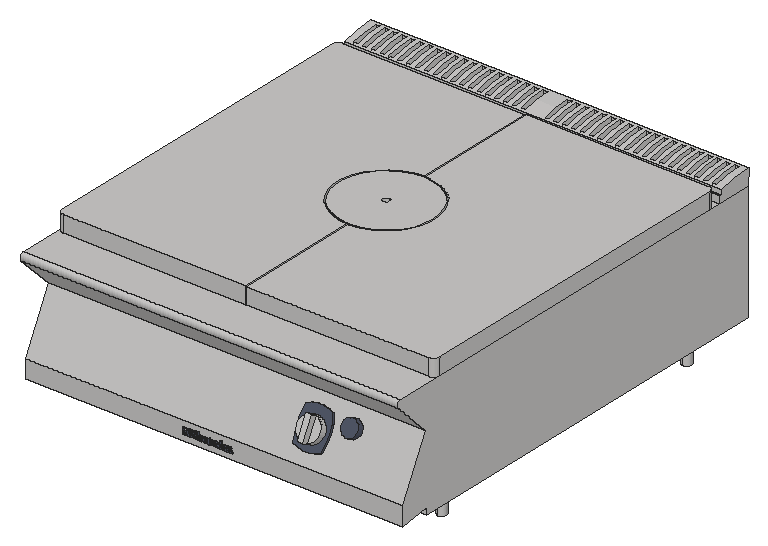
Revit family "QF_ELECTROLUXPROFESSIONAL_391635_E9DDATAOMEI", category Attrezzature speciali, Revit 2021 (continued)
Automatic sketch dimensions
  Extrusion 7 sketch curve to Extrusion 7 sketch curve = 1.361 mm
  Extrusion 7 sketch curve to Extrusion 7 sketch curve = 0.822 mm
  Extrusion 7 sketch curve to Extrusion 7 sketch curve = 0.069 mm
  Extrusion 7 sketch curve to Extrusion 7 sketch curve = 1.88 mm
  Extrusion 7 sketch curve to Extrusion 7 sketch curve = 0.42 mm
  Extrusion 7 sketch curve to Extrusion 7 sketch curve = 0.062 mm
  Extrusion 7 sketch curve to Extrusion 7 sketch curve = 1.355 mm
  Extrusion 7 sketch curve to Extrusion 7 sketch curve = 2.34 mm
  Extrusion 7 sketch curve to Extrusion 7 sketch curve = 0.493 mm
  Extrusion 7 sketch curve to Extrusion 7 sketch curve = 0.136 mm
  Extrusion 7 sketch curve to Extrusion 7 sketch curve = 0.128 mm
  Extrusion 7 sketch curve to Extrusion 7 sketch curve = 3.616 mm
  Extrusion 7 sketch curve to Extrusion 7 sketch curve = 4.207 mm
  Extrusion 7 sketch curve to Extrusion 7 sketch curve = 0.183 mm
  Extrusion 7 sketch curve to Extrusion 7 sketch curve = 0.895 mm
  Extrusion 7 sketch curve to Extrusion 7 sketch curve = 1.314 mm
  Extrusion 7 sketch curve to Extrusion 7 sketch curve = 3.231 mm
  Extrusion 7 sketch curve to Extrusion 7 sketch curve = 1.299 mm
  Extrusion 7 sketch curve to Extrusion 7 sketch curve = 1.214 mm
  Extrusion 7 sketch curve to Extrusion 7 sketch curve = 1.264 mm
  Extrusion 7 sketch curve to Extrusion 7 sketch curve = 0.109 mm
  Extrusion 7 sketch curve to Extrusion 7 sketch curve = 0.357 mm
  Extrusion 7 sketch curve to Extrusion 7 sketch curve = 0.565 mm
  Extrusion 7 sketch curve to Extrusion 7 sketch curve = 2.504 mm
  Extrusion 7 sketch curve to Extrusion 7 sketch curve = 2.459 mm
  Extrusion 1 to Extrusion 7 sketch curve = 359.748 mm
  Extrusion 7 sketch curve to Extrusion 7 sketch curve = 0.208 mm
  Extrusion 7 sketch curve to Extrusion 7 sketch curve = 0.468 mm  (x2)
  Extrusion 7 sketch curve to Extrusion 7 sketch curve = 1.559 mm
  Extrusion 7 sketch curve to Extrusion 7 sketch curve = 0.422 mm  (x2)
  Extrusion 7 sketch curve to Extrusion 7 sketch curve = 0.494 mm
  Extrusion 7 sketch curve to Extrusion 7 sketch curve = 3.927 mm
  Extrusion 7 sketch curve to Extrusion 7 sketch curve = 0.782 mm
  Extrusion 7 sketch curve to Extrusion 7 sketch curve = 1.268 mm
  Extrusion 7 sketch curve to Extrusion 7 sketch curve = 0.671 mm
  Extrusion 7 sketch curve to Extrusion 7 sketch curve = 0.777 mm
  Extrusion 7 sketch curve to Extrusion 7 sketch curve = 0.704 mm
  Extrusion 7 sketch curve to Extrusion 7 sketch curve = 0.781 mm  (x2)
  Extrusion 7 sketch curve to Extrusion 7 sketch curve = 1.634 mm
  Extrusion 7 sketch curve to Extrusion 7 sketch curve = 0.132 mm
  Extrusion 7 sketch curve to Extrusion 7 sketch curve = 3.136 mm
  Extrusion 7 sketch curve to Extrusion 7 sketch curve = 2.422 mm
  Extrusion 7 sketch curve to Extrusion 7 sketch curve = 0.586 mm
  Extrusion 7 sketch curve to Extrusion 7 sketch curve = 2.046 mm  (x2)
  Extrusion 7 sketch curve to Extrusion 7 sketch curve = 1.241 mm
  Extrusion 7 sketch curve to Extrusion 7 sketch curve = 1.689 mm
  Extrusion 7 sketch curve to Extrusion 7 sketch curve = 2.859 mm
  Extrusion 7 sketch curve to Extrusion 7 sketch curve = 0.627 mm
  Extrusion 7 sketch curve to Extrusion 7 sketch curve = 0.863 mm
  Extrusion 7 sketch curve to Extrusion 7 sketch curve = 0.419 mm
  Extrusion 7 sketch curve to Extrusion 7 sketch curve = 1.514 mm
  Extrusion 7 sketch curve to Extrusion 7 sketch curve = 1.019 mm
  Extrusion 7 sketch curve to Extrusion 7 sketch curve = 0.065 mm
  Extrusion 7 sketch curve to Extrusion 7 sketch curve = 1.215 mm
  Extrusion 7 sketch curve to Extrusion 7 sketch curve = 2.708 mm
  Extrusion 7 sketch curve to Extrusion 7 sketch curve = 1.122 mm
  Extrusion 7 sketch curve to Extrusion 7 sketch curve = 1.153 mm
  Extrusion 7 sketch curve to Extrusion 7 sketch curve = 3.009 mm
  Extrusion 7 sketch curve to Extrusion 7 sketch curve = 0.829 mm  (x2)
  Extrusion 7 sketch curve to Extrusion 7 sketch curve = 0.934 mm
  Extrusion 7 sketch curve to Extrusion 7 sketch curve = 3.376 mm
  Extrusion 7 sketch curve to Extrusion 7 sketch curve = 0.222 mm
  Extrusion 7 sketch curve to Extrusion 7 sketch curve = 1.383 mm
  Extrusion 7 sketch curve to Extrusion 7 sketch curve = 1.556 mm
  Extrusion 7 sketch curve to Extrusion 7 sketch curve = 2.559 mm
  Extrusion 7 sketch curve to Extrusion 7 sketch curve = 2.51 mm
  Extrusion 7 sketch curve to Extrusion 7 sketch curve = 0.131 mm
  Extrusion 7 sketch curve to Extrusion 7 sketch curve = 1.717 mm
  Extrusion 7 sketch curve to Extrusion 7 sketch curve = 1.134 mm
  Extrusion 7 sketch curve to Extrusion 7 sketch curve = 0.366 mm
  Extrusion 7 sketch curve to Extrusion 7 sketch curve = 0.094 mm
  Extrusion 7 sketch curve to Extrusion 7 sketch curve = 1.584 mm
  Extrusion 7 sketch curve to Extrusion 7 sketch curve = 1.501 mm
  Extrusion 7 sketch curve to Extrusion 7 sketch curve = 0.27 mm
  Extrusion 7 sketch curve to Extrusion 7 sketch curve = 1.808 mm
  Extrusion 7 sketch curve to Extrusion 7 sketch curve = 0.643 mm
  Extrusion 7 sketch curve to Extrusion 7 sketch curve = 0.916 mm
  Extrusion 7 sketch curve to Extrusion 7 sketch curve = 0.352 mm
  Extrusion 7 sketch curve to Extrusion 7 sketch curve = 0.458 mm
  Extrusion 7 sketch curve to Extrusion 7 sketch curve = 1.282 mm
  Extrusion 7 sketch curve to Extrusion 7 sketch curve = 1.363 mm
  Extrusion 7 sketch curve to Extrusion 7 sketch curve = 0.685 mm
  Extrusion 7 sketch curve to Extrusion 7 sketch curve = 0.905 mm
  Extrusion 7 sketch curve to Extrusion 7 sketch curve = 2.865 mm
  Extrusion 7 sketch curve to Extrusion 7 sketch curve = 0.472 mm
  Extrusion 7 sketch curve to Extrusion 7 sketch curve = 0.101 mm
  Extrusion 7 sketch curve to Extrusion 7 sketch curve = 0.54 mm
  Extrusion 7 sketch curve to Extrusion 7 sketch curve = 0.02 mm
  Extrusion 7 sketch curve to Extrusion 7 sketch curve = 0.582 mm
  Extrusion 7 sketch curve to Extrusion 7 sketch curve = 0.166 mm
  Extrusion 7 sketch curve to Extrusion 7 sketch curve = 0.16 mm
  Extrusion 7 sketch curve to Extrusion 7 sketch curve = 2.781 mm
  Extrusion 7 sketch curve to Extrusion 7 sketch curve = 1.118 mm
  Extrusion 7 sketch curve to Extrusion 7 sketch curve = 0.613 mm
  Extrusion 7 sketch curve to Extrusion 7 sketch curve = 0.361 mm
  Extrusion 7 sketch curve to Extrusion 7 sketch curve = 0.897 mm
  Extrusion 7 sketch curve to Extrusion 7 sketch curve = 0.167 mm
  Extrusion 7 sketch curve to Extrusion 7 sketch curve = 0.292 mm
  Extrusion 7 sketch curve to Extrusion 7 sketch curve = 0.305 mm
  Extrusion 7 sketch curve to Extrusion 7 sketch curve = 1.557 mm
  Extrusion 7 sketch curve to Extrusion 7 sketch curve = 2.499 mm
  Extrusion 7 sketch curve to Extrusion 7 sketch curve = 3.062 mm
  Extrusion 7 sketch curve to Extrusion 7 sketch curve = 2.968 mm
  Extrusion 7 sketch curve to Extrusion 7 sketch curve = 5.044 mm
  Extrusion 7 sketch curve to Extrusion 7 sketch curve = 0.629 mm  (x2)
  Extrusion 7 sketch curve to Extrusion 7 sketch curve = 1.131 mm
  Extrusion 7 sketch curve to Extrusion 7 sketch curve = 0.137 mm
  Extrusion 7 sketch curve to Extrusion 7 sketch curve = 0.027 mm
  Extrusion 7 sketch curve to Extrusion 7 sketch curve = 2.235 mm
  Extrusion 4 sketch curve to Extrusion 4 sketch curve = 0 mm  (x4)
  Extrusion 4 sketch curve to Extrusion 1 = 90 mm
  Extrusion 4 sketch curve to Extrusion 4 sketch curve = 12.7 mm  (x3)
  Extrusion 4 sketch curve to Extrusion 4 sketch curve = 266.811 mm
  Extrusion 4 sketch curve to Extrusion 4 sketch curve = 0.002 mm  (x3)
  Extrusion 4 sketch curve to Extrusion 4 sketch curve = 103.185 mm
  Extrusion 4 sketch curve to Extrusion 4 sketch curve = 103.179 mm
  Extrusion 4 sketch curve to Extrusion 4 sketch curve = 0.013 mm
  Extrusion 4 sketch curve to Extrusion 1 = 103.2 mm  (x2)
  Extrusion 1 to Extrusion 4 sketch curve = 0 mm
  Extrusion 4 sketch curve to Extrusion 4 sketch curve = 385.713 mm
  Extrusion 4 sketch curve to Extrusion 4 sketch curve = 385.871 mm
  Extrusion 4 sketch curve to Extrusion 4 sketch curve = 0.437 mm
  Extrusion 4 sketch curve to Extrusion 4 sketch curve = 0.119 mm
  Extrusion 4 sketch curve to Extrusion 4 sketch curve = 2.877 mm
  Extrusion 1 to Extrusion 4 sketch curve = 12.7 mm
  radius of Extrusion 11 sketch curve = 17.78 mm
  radius of Extrusion 9 sketch curve = 25.4 mm
  radius of Extrusion 10 sketch curve to Extrusion 9 = 0 mm  (x2)
  radius of Extrusion 13 sketch curve = 6.4 mm
  radius of Extrusion 4 sketch curve = 100 mm
  radius of Extrusion 4 sketch curve = 7 mm
Connectors
  piping at (748, -664, 3.813), diameter 12.8
    settings: on Extrusion 13, index 1, connector inside diameter 0.50394", connector length 0 mm, flow factor 0, pipe flow 0 GPM, pressure drop 0.00 psi, fitting loss kfactor 0, connector angle 0.00°, fixture units 0, engagement length 0 mm, angle of deflection 0.00°, flow configuration 1, flow direction 1, fitting loss method 0, system type 7, joint type 0, gender type 0, connector reference index -1, connector utility 0, adjustable connector no, is connector primary yes, connector description "GAS CONNECTION"
